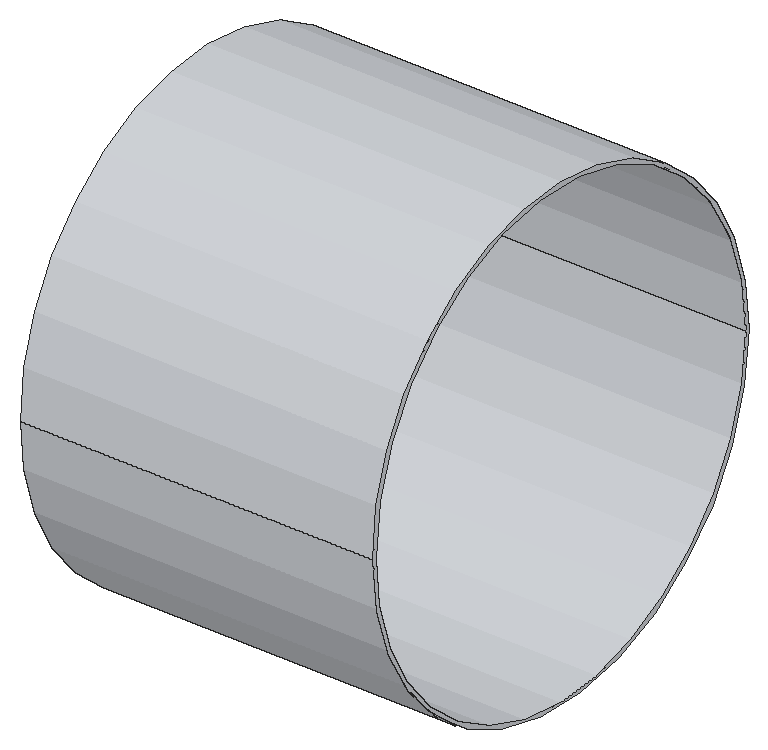
Revit family "Round Wall Sleeve", category Duct Accessories, Revit 2021
Family settings
  Round Connector Dimension = Use Diameter
  Part Type = Attaches To
  Work Plane-Based = Yes
  Always vertical = Yes
  Cut with Voids When Loaded = No
  Shared = No
Parameters
  Length [instance] = 0' - 1 1/2"
  Inner Diameter [instance] = Diameter - 0' 0 1/32"  # 0' - 1 31/32"
  Diameter [instance] = 0' - 2"
  Default Elevation = 4' - 0"
Reference planes (in)
  plane 1 "Center (Front/Back)": y = 0
  plane 2: z = 0
  plane 3 "Center (Left/Right)": x = 0
  plane 4: x = 1.5
Forms (in)
  Extrusion 1, solid
    sketch origin (0, 0, 3) x (0, 1, 0) y (0, 0, 1)
      loop
        circle (0, -3) r 1
      loop
        circle (0, -3) r 0.98438
    from 1.5 to 0
Dimensions and locks (in)
  "Length": plane 3 "Center (Left/Right)" to plane 4
  "Diameter": diameter of Extrusion 1 sketch curve
  "Inner Diameter": diameter of Extrusion 1 sketch curve
  aligned and locked: plane 2 to level
  aligned and locked: Extrusion 1 to plane 4
  aligned and locked: plane 3 "Center (Left/Right)" to Extrusion 1
Automatic sketch dimensions
  Extrusion 1 sketch curve to Extrusion 1 sketch curve = 0' - 0"  (x2)
  Extrusion 1 sketch curve to level = 0' - 0"
  Extrusion 1 sketch curve to plane 1 "Center (Front/Back)" = 0' - 0"
